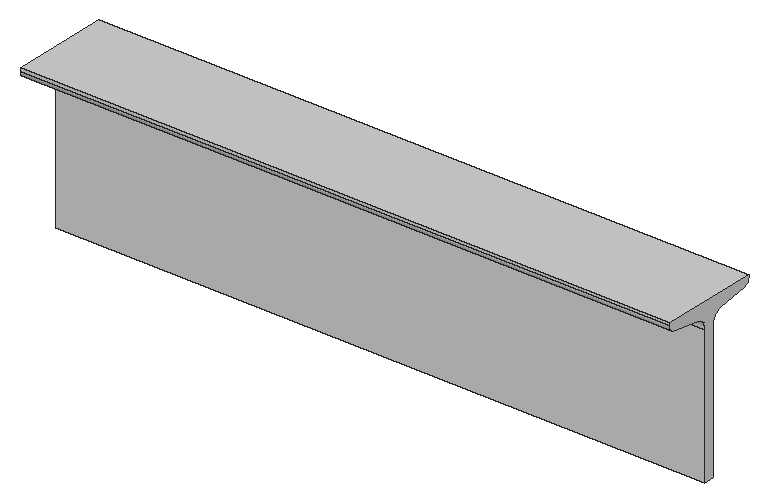
Revit family "96b928d406ed459cb6140848b3e3ecf5", category Structural Framing, Revit 2021
Family settings
  Structural Framing Length Roundoff = 0' - 0"
  Section Shape = I-split Sloped Flange
  Material for Model Behavior = Steel
  Always export as geometry = No
  Family Name Key = ST Shapes
  Code Name = AISC 14.1
  OmniClass Number = 23.25.30.11.14.14
  OmniClass Title = Beams
  Seek Item ID = ST-Shapes-0000-USA-ENU
  Always vertical = Yes
  Cut with Voids When Loaded = No
  Symbolic Representation = From Project Settings
  Shared = No
  Show family pre-cut in plan views = Yes
Parameters (values of type "ST12X50")
  Width = 0' - 7 1/4"
  Web Thickness = 0' - 0.745"
  Web Fillet = 0.87000"
  Warping Constant = 19.50000 in⁶
  Torsional Moment of Inertia = 3.7600 in⁴
  Structural Material [instance] = Steel ASTM A992
  Sloped Flange Angle = 9.46234°
  Section Name Key = ""
  Section Area = 14.70 in²
  Plastic Modulus weak axis = 12.000 in³
  Plastic Modulus strong axis = 47.500 in³
  Nominal Weight = 50.00 lbf/ft
  Moment of Inertia weak axis = 23.7000 in⁴
  Moment of Inertia strong axis = 215.0000 in⁴
  Height = 1' - 0"
  Flange Thickness Location = 1.62625"
  Flange Thickness = 0.87000"
  Flange Fillet = 0.43500"
  Elastic Modulus weak axis = 6.550 in³
  Elastic Modulus strong axis = 26.300 in³
  Centroid Vertical = 0' - 8.16"
  Centroid Horizontal = Width / 2  # 3.62500"
  Bolt Spacing = 0' - 4"
  Assembly Code = "B10"
  Length [instance] = 5' - 0"
Types (2): name | Width | Web Thickness | Web Fillet | Warping Constant | Torsional Moment of Inertia | Section Area | Plastic Modulus weak axis | Plastic Modulus strong axis | Nominal Weight | Moment of Inertia weak axis | Moment of Inertia strong axis | Height | Flange Thickness Location | Flange Thickness | Flange Fillet | Elastic Modulus weak axis | Elastic Modulus strong axis | Centroid Vertical | Centroid Horizontal | Bolt Spacing
  ST12X50 | 0' - 7 1/4" | 0' - 0.745" | 0.87000" | 19.50000 in⁶ | 3.7600 in⁴ | 14.70 in² | 12.000 in³ | 47.500 in³ | 50.00 lbf/ft | 23.7000 in⁴ | 215.0000 in⁴ | 1' - 0" | 1.62625" | 0.87000" | 0.43500" | 6.550 in³ | 26.300 in³ | 0' - 8.16" | 3.62500" | 0' - 4"
  ST9X35 | 0' - 6 1/4" | 0' - 0.711" | 0.69100" | 7.03000 in⁶ | 2.0200 in⁴ | 10.30 in² | 7.170 in³ | 25.100 in³ | 35.00 lbf/ft | 12.0000 in⁴ | 84.5000 in⁴ | 0' - 9" | 1.38475" | 0.69100" | 0.34550" | 3.840 in³ | 14.000 in³ | 0' - 6.06" | 3.12500" | 0' - 3 1/2"
Reference planes (in)
  plane 1 "Center (Front/Back)": y = 0
  plane 2: z = 0
  plane 3 "Center (Left/Right)": x = 0.1815
  plane 4 "Member Left": x = -23.8185
  plane 5 "Member Right": x = 24.1815
  plane 6: y = 3.625
  plane 7: y = -3.625
  plane 8 "Left": x = -29.8185
  plane 9 "Right": x = 30.1815
  plane 10: z = 3.84
  plane 11: z = -8.16
Forms (in)
  Sweep 1, solid, material "Steel ASTM A992" <- "Structural Material", detail levels fine
    path origin (0, 0, 0) x (1, 0, 0) y (0, 1, 0)
      loop
        line (-23.8185, 0) -> (24.1815, 0)
    profile "ST-Shape-Profile-Fine : ST-Shape-Profile-Fine" origin (0.1815, 0, 0) x (0, 1, 0) y (0, 0, 1)
      loop
        line (3.625, 3.60954) -> (3.625, 3.84) -> (-3.625, 3.84) -> (-3.625, 3.60954)
        arc (-3.625, 3.60954) -> (-3.52191, 3.32837) -> (-3.26151, 3.18046) r 0.435
        line (-3.26151, 3.18046) -> (-1.99875, 2.97) -> (-1.09947, 2.82012)
        arc (-1.09947, 2.82012) -> (-0.57867, 2.5243) -> (-0.3725, 1.96196) r 0.87
        line (-0.3725, 1.96196) -> (-0.3725, -8.16) -> (0.3725, -8.16) -> (0.3725, 1.96196)
        arc (0.3725, 1.96196) -> (0.57867, 2.5243) -> (1.09947, 2.82012) r 0.87
        line (1.09947, 2.82012) -> (1.99875, 2.97) -> (3.26151, 3.18046)
        arc (3.26151, 3.18046) -> (3.52191, 3.32837) -> (3.625, 3.60954) r 0.435
  Sweep 2, solid, material "Steel ASTM A992" <- "Structural Material", detail levels medium
    path origin (0, 0, 0) x (1, 0, 0) y (0, 1, 0)
      loop
        line (-23.8185, 0) -> (24.1815, 0)
    profile "ST-Shape-Profile-Medium : ST-Shape-Profile-Medium" origin (0.1815, 0, 0) x (0, 1, 0) y (0, 0, 1)
      loop
        line (3.625, 3.24104) -> (3.625, 3.84) -> (-3.625, 3.84) -> (-3.625, 3.24104) -> (-1.99875, 2.97) -> (-0.3725, 2.69896) -> (-0.3725, -8.16) -> (0.3725, -8.16) -> (0.3725, 2.69896) -> (1.99875, 2.97) -> (3.625, 3.24104)
Lines and regions (in)
  symbolic lines, style "Hidden Faces", detail levels medium+fine
    curve 1: line (24.1815, -0.3725, 0) -> (-23.8185, -0.3725, 0)
    curve 2: line (24.1815, 0.3725, 0) -> (-23.8185, 0.3725, 0)
  symbolic lines, style "Stick Symbols", detail levels coarse
    curve 3: line (0.1815, 3.625, 3.84) -> (0.1815, -3.625, 3.84)
    curve 4: line (0.1815, 0, 3.84) -> (0.1815, 0, -8.16)
Dimensions and locks (in)
  "Width": plane 6 to plane 7
  equal spacing: plane 6, plane 1 "Center (Front/Back)", plane 7
  "Length": plane 8 "Left" to plane 9 "Right"
  equal spacing: curve 2, plane 1 "Center (Front/Back)", curve 1
  "Web Thickness": curve 2 to curve 1
  "Height": plane 10 to plane 11
  "Centroid Vertical": level to plane 11
  aligned and locked: plane 4 "Member Left" to curve 2
  aligned and locked: plane 4 "Member Left" to curve 1
  aligned and locked: plane 5 "Member Right" to curve 2
  aligned and locked: plane 5 "Member Right" to curve 1
  aligned and locked: plane 1 "Center (Front/Back)" to Sweep 1 sketch curve
  aligned and locked: plane 4 "Member Left" to Sweep 1 sketch curve
  aligned and locked: plane 5 "Member Right" to Sweep 1 sketch curve
  aligned and locked: plane 1 "Center (Front/Back)" to Sweep 2 sketch curve
  aligned and locked: plane 4 "Member Left" to Sweep 2 sketch curve
  aligned and locked: plane 5 "Member Right" to Sweep 2 sketch curve
  aligned and locked: curve 3 to plane 10
  aligned and locked: plane 11 to curve 4
  aligned and locked: curve 4 to plane 1 "Center (Front/Back)"
  aligned and locked: plane 7 to curve 3
  aligned and locked: plane 6 to curve 3
  aligned and locked: plane 10 to curve 4
  aligned and locked: plane 2 to level
